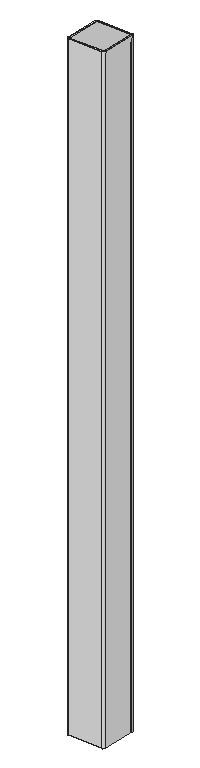
Revit family
Parameters (values of type "CFT150x150x5")
  콘크리트 기둥 재료 [instance] = 콘크리트 - 현장타설 콘크리트
  기둥 재료 [instance] = 금속 - 스틸 - 345 MPa
  Assembly Code = ""
  A = 0.003 m²
  Ht = 150 mm
  W = 0.2183
  모양 = "정사각형"
  b = 150 mm
  kr = 2 * t  # 10 mm
  t = 5 mm
Reference planes
  plane 1 "중심(앞/뒤)": y = 0
  plane 2: z = 0
  plane 3 "중심(왼쪽/오른쪽)": x = 0
  plane 4: x = -75
  plane 5: x = 75
  plane 6: y = 75
  plane 7: y = -75
  plane 8: x = -65
  plane 9: y = -65
  plane 10: y = 65
  plane 11: x = 65
Forms (mm)
  Extrusion 1, solid, material "금속 - 스틸 - 345 MPa" <- "기둥 재료", detail levels medium
    sketch origin (0, 0, 0) x (1, 0, 0) y (0, 1, 0)
      loop
        line (-75, 75) -> (-75, -75) -> (75, -75) -> (75, 75) -> (-75, 75)
      loop
        line (-70, 70) -> (-70, -70) -> (70, -70) -> (70, 70) -> (-70, 70)
    from 0 to 2500
  Extrusion 2, solid, material "금속 - 스틸 - 345 MPa" <- "기둥 재료", detail levels fine
    sketch origin (0, 0, 0) x (1, 0, 0) y (0, 1, 0)
      loop
        arc (-65, 75) -> (-72.071, 72.071) -> (-75, 65) r 10
        line (-75, 65) -> (-75, -65)
        arc (-75, -65) -> (-72.071, -72.071) -> (-65, -75) r 10
        line (-65, -75) -> (65, -75)
        arc (65, -75) -> (72.071, -72.071) -> (75, -65) r 10
        line (75, -65) -> (75, 65)
        arc (75, 65) -> (72.071, 72.071) -> (65, 75) r 10
        line (65, 75) -> (-65, 75)
      loop
        arc (-65, 70) -> (-68.536, 68.536) -> (-70, 65) r 5
        line (-70, 65) -> (-70, -65)
        arc (-70, -65) -> (-68.536, -68.536) -> (-65, -70) r 5
        line (-65, -70) -> (65, -70)
        arc (65, -70) -> (68.536, -68.536) -> (70, -65) r 5
        line (70, -65) -> (70, 65)
        arc (70, 65) -> (68.536, 68.536) -> (65, 70) r 5
        line (65, 70) -> (-65, 70)
    from 0 to 2500
  Extrusion 3, solid, material "콘크리트 - 현장타설 콘크리트" <- "콘크리트 기둥 재료", detail levels medium
    sketch origin (0, 0, 0) x (1, 0, 0) y (0, 1, 0)
      loop
        line (-70, 70) -> (-70, -70) -> (70, -70) -> (70, 70) -> (-70, 70)
    from 0 to 2500
  Extrusion 4, solid, material "콘크리트 - 현장타설 콘크리트" <- "콘크리트 기둥 재료", detail levels fine
    sketch origin (0, 0, 0) x (1, 0, 0) y (0, 1, 0)
      loop
        line (-70, 65) -> (-70, -65)
        arc (-70, -65) -> (-68.536, -68.536) -> (-65, -70) r 5
        line (-65, -70) -> (65, -70)
        arc (65, -70) -> (68.536, -68.536) -> (70, -65) r 5
        line (70, -65) -> (70, 65)
        arc (70, 65) -> (68.536, 68.536) -> (65, 70) r 5
        line (65, 70) -> (-65, 70)
        arc (-65, 70) -> (-68.536, 68.536) -> (-70, 65) r 5
    from 0 to 2500
Lines and regions (mm)
  symbolic lines, style "StructuralColumnStickSymbols", detail levels coarse
    curve 1: line (-75, 75, 0) -> (75, 75, 0)
    curve 2: line (-75, -75, 0) -> (75, -75, 0)
    curve 5: line (-75, 75, 0) -> (-75, -75, 0)
    curve 6: line (75, 75, 0) -> (75, -75, 0)
  symbolic lines, style "숨겨진 면", detail levels medium+fine
    curve 3: line (-70, 0, 0) -> (-70, 0, 2500)
    curve 4: line (70, 0, 2500) -> (70, 0, 0)
Dimensions and locks
  equal spacing: plane 4, plane 3 "중심(왼쪽/오른쪽)", plane 5
  equal spacing: plane 7, plane 1 "중심(앞/뒤)", plane 6
  "Ht": plane 7 to plane 6
  "b": plane 4 to plane 5
  "t": Extrusion 1 sketch curve to plane 5
  "t": plane 4 to Extrusion 1 sketch curve
  "t": Extrusion 1 sketch curve to plane 6
  "t": Extrusion 1 sketch curve to plane 7
  "t": Extrusion 2 sketch curve to plane 6
  "t": Extrusion 2 sketch curve to plane 5
  "t": plane 4 to Extrusion 2 sketch curve
  "t": Extrusion 2 sketch curve to plane 7
  "kr": plane 10 to plane 6
  "kr": plane 7 to plane 9
  "kr": plane 11 to plane 5
  "kr": plane 4 to plane 8
  "t": radius of Extrusion 4 sketch curve  (x4)
  aligned and locked: plane 6 to Extrusion 1 sketch curve
  aligned and locked: Extrusion 1 sketch curve to plane 7
  aligned and locked: Extrusion 1 sketch curve to plane 4
  aligned and locked: plane 5 to Extrusion 1 sketch curve
  aligned and locked: level to Extrusion 1
  aligned and locked: level to plane 2
  aligned and locked: Extrusion 1 to plane 2
  aligned and locked: curve 1 to Extrusion 2 sketch curve
  aligned and locked: Extrusion 2 sketch curve to Extrusion 1
  aligned and locked: level to Extrusion 2
  aligned and locked: curve 4 to Extrusion 2
  aligned and locked: curve 3 to Extrusion 2
  aligned and locked: Extrusion 1 to Extrusion 3 sketch curve
  aligned and locked: Extrusion 3 sketch curve to Extrusion 1  (x3)
  aligned and locked: level to Extrusion 3
  aligned and locked: Extrusion 2 to Extrusion 3
  aligned and locked: Extrusion 4 sketch curve to Extrusion 2  (x4)
  aligned and locked: level to Extrusion 4
  aligned and locked: Extrusion 2 to Extrusion 4
Automatic sketch dimensions
  Extrusion 2 sketch curve to plane 8 = 0 mm  (x4)
  Extrusion 2 sketch curve to plane 7 = 0 mm
  Extrusion 2 sketch curve to plane 11 = 0 mm
  Extrusion 2 sketch curve to plane 10 = 0 mm  (x2)
  Extrusion 2 sketch curve to plane 9 = 0 mm  (x2)
  curve 3 to level = 0 mm  (x2)
  curve 4 to level = 0 mm  (x2)
  curve 5 to plane 4 = 0 mm
  curve 2 to plane 5 = 0 mm
  curve 5 to plane 7 = 0 mm
  curve 5 to plane 6 = 0 mm
